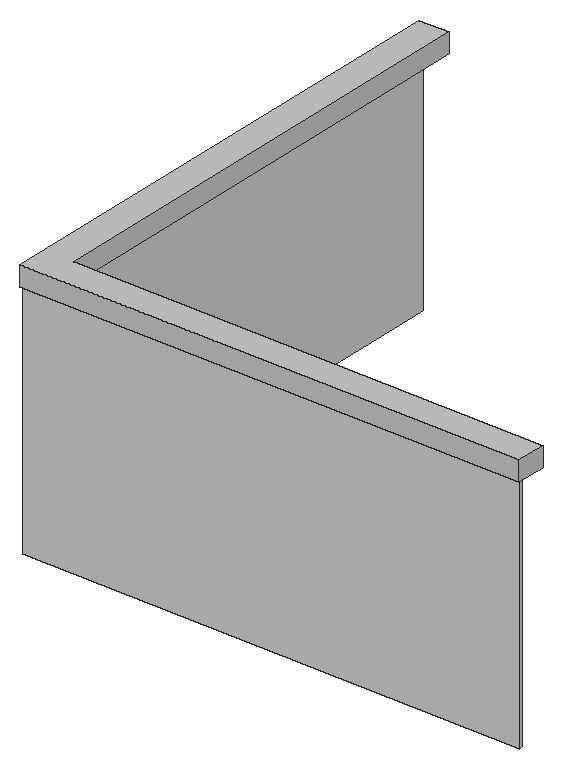
Revit family "Door-Systems_Fire-Smoke-Curtain_2-sides", category Specialty Equipment, Revit 2018
Family settings
  Round Connector Dimension = Use Diameter
  Part Type = Normal
  Work Plane-Based = No
  Always vertical = Yes
  Cut with Voids When Loaded = No
  Shared = No
  Room Calculation Point = No
Parameters
  URL = "www.doorsysinc.com"
  Manufacturer Info [instance] = "https://www.arcat.com/arcatcos/cos50/arc50183.html"  # constant formula
  Manufacturer = "DSI Smoke and FIre Curtains"
  Description = "UL10D Fire Curtain"
  Curtain_Width [instance] = 25' - 0"
  Curtain_Length [instance] = 25' - 0"
  Curtain_Height [instance] = 12' - 0"
Reference planes (in)
  plane 1 "Center (Front/Back)": y = 0
  plane 2: z = 0
  plane 3 "Center (Left/Right)": x = 0
  plane 4: z = 144
  plane 5: y = 300
  plane 6: x = 300
Dimensions and locks (in)
  "Curtain_Height": plane 4 to level
  "Curtain_Length": plane 3 "Center (Left/Right)" to plane 6
  "Curtain_Width": plane 1 "Center (Front/Back)" to plane 5
  nested 1 to plane 4 = 0' - 11 3/4"
  aligned and locked: level to plane 2
  aligned and locked: nested 1 to plane 4
  aligned and locked: plane 6 to nested 2
  aligned and locked: plane 5 to nested 2
  aligned and locked: plane 5 to nested 1
  aligned and locked: plane 6 to nested 1
Nested families (in)
  nested 1: "Head_System_2-sides" at (0, 0, 144), type "Head_System_2-sides"
    with Head_Width 25' - 0", Head_Length 25' - 0"
  nested 2: "Curtain_System_2-sides" at (0, 0, 0), Curtain_Height <- "Curtain_Height", type "Curtain_System_2-sides"
    with Curtain_Width 25' - 0", Curtain_Length 25' - 0", Curtain_Height 12' - 0"
Definition of nested family "Head_System_2-sides"
  Parameters (values of type "Head_System_2-sides")
    Head_Width [instance] = 20' - 0"
    Head_Track_Width = 1' - 5 3/4"
    Head_Length [instance] = 20' - 0"
  Reference planes (in)
    plane 1 "Center (Front/Back)": y = 0
    plane 2: z = 0
    plane 3 "Center (Left/Right)": x = 0
    plane 4: x = 240
    plane 5: y = 240
    plane 6: x = 17.75
    plane 7: y = 222.25
    plane 8: x = 222.25
    plane 9: y = 17.75
    plane 10: z = 11.75
  Forms (in)
    Extrusion 1, solid
      sketch origin (0, 0, 0) x (1, 0, 0) y (0, 1, 0)
        loop
          line (0, 240) -> (0, 0) -> (240, 0) -> (240, 17.75) -> (17.75, 17.75) -> (17.75, 240) -> (0, 240)
      from 0 to 11.75
  Dimensions and locks (in)
    "Head_Length": plane 3 "Center (Left/Right)" to plane 4
    "Head_Width": plane 1 "Center (Front/Back)" to plane 5
    "Head_Track_Width": plane 3 "Center (Left/Right)" to plane 6
    "Head_Track_Width": plane 8 to plane 4
    "Head_Track_Width": plane 7 to plane 5
    "Head_Track_Width": plane 1 "Center (Front/Back)" to plane 9
    aligned and locked: plane 2 to level
    aligned and locked: plane 5 to Extrusion 1 sketch curve
    aligned and locked: plane 3 "Center (Left/Right)" to Extrusion 1 sketch curve
    aligned and locked: Extrusion 1 sketch curve to plane 1 "Center (Front/Back)"
    aligned and locked: plane 6 to Extrusion 1 sketch curve
    aligned and locked: Extrusion 1 sketch curve to plane 9
    aligned and locked: Extrusion 1 to plane 10
  Automatic sketch dimensions
    Extrusion 1 sketch curve to plane 4 = 0' - 0"
Definition of nested family "Curtain_System_2-sides"
  Parameters (values of type "Curtain_System_2-sides")
    Curtain_Width [instance] = 20' - 0"
    Curtain_Track_Width = 0' - 11"
    Curtain_Length [instance] = 20' - 0"
    Curtain_Height [instance] = 12' - 0"
  Reference planes (in)
    plane 1 "Center (Front/Back)": y = 0
    plane 2: z = 0
    plane 3 "Center (Left/Right)": x = 0
    plane 4: x = 240
    plane 5: y = 240
    plane 6: z = 144
    plane 7: x = 17.75
    plane 8: y = 17.75
    plane 9: y = 2.4375
    plane 10: y = 0.75
    plane 11: x = 2.4375
    plane 12: x = 0.75
  Forms (in)
    Extrusion 1, solid
      sketch origin (-4.25, 0, 0) x (1, 0, 0) y (0, 1, 0)
        loop
          line (5, 240) -> (5, 0.75) -> (244.25, 0.75) -> (244.25, 2.4375) -> (6.6875, 2.4375) -> (6.6875, 240) -> (5, 240)
      from 0 to 144
  Dimensions and locks (in)
    "Curtain_Length": plane 3 "Center (Left/Right)" to plane 4
    "Curtain_Width": plane 1 "Center (Front/Back)" to plane 5
    "Curtain_Height": plane 6 to level
    locked: Extrusion 1 sketch curve to Extrusion 1 sketch curve at 1.6875  (x2)
    plane 3 "Center (Left/Right)" to plane 12 to plane 11 to plane 7 = 0' - 0 3/4" locked, 0' - 1 11/16" locked, 1' - 3 5/16" locked
    plane 1 "Center (Front/Back)" to plane 10 to plane 9 to plane 8 = 0' - 0 3/4" locked, 0' - 1 11/16" locked, 1' - 3 5/16" locked
    aligned and locked: plane 2 to level
    aligned and locked: Extrusion 1 to plane 6
    aligned and locked: plane 5 to Extrusion 1 sketch curve
    aligned and locked: plane 4 to Extrusion 1
  Automatic sketch dimensions
    Extrusion 1 sketch curve to plane 1 "Center (Front/Back)" = 0' - 2 7/16"
    Extrusion 1 sketch curve to plane 4 = 0' - 0"
    plane 3 "Center (Left/Right)" to Extrusion 1 sketch curve = 0' - 2 7/16"
